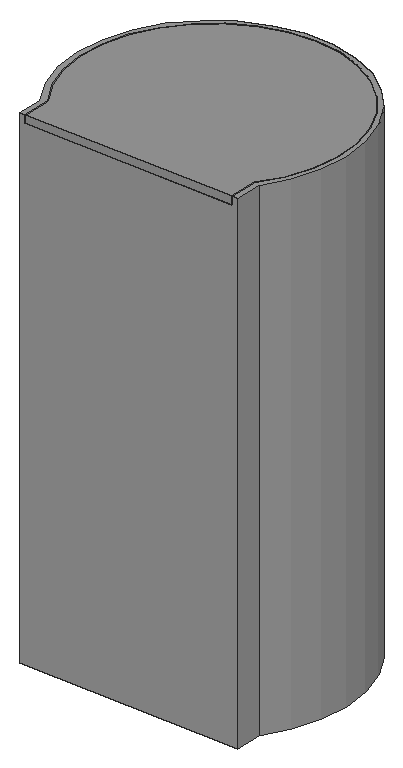
Revit family "3052 Björk Soap dispenser", category Furniture Systems, host Wall, Revit 2017
Family settings
  Host = Wall
  Round Connector Dimension = Use Diameter
  Part Type = Normal
  Always vertical = Yes
  Cut with Voids When Loaded = No
  Shared = No
  Room Calculation Point = No
Parameters (values of type "OSLO")
  URL = "http://www.dandryer.com/en-gb/products/-soapdispensers/3052-bjork--optional-ral-colour--liquid-soap-disinfectant"
  Type Image = <None>
  Surface Top = OSLO
  Surface Front = RAL FARVE
  Model = "Björk-3052"
  Manufacturer = "Dan Dryer"
  Description = "Touch-free Soap dispencer"
  Cost = 0
Types (6, lengths in mm): name | URL | Surface Top | Model
  BIRK | "http://www.dandryer.dk/da-dk/produkter/produktserie-%E2%80%93-bjork/3052-bjork-dispenser-flydende-saebe-desinfektion--valgfri-ral" | BIRK | "Björk-3052Björk-3052"
  GEO WHITE | "http://www.dandryer.dk/da-dk/produkter/produktserie-%E2%80%93-bjork/3052-bjork-dispenser-flydende-saebe-desinfektion--valgfri-ral" | GEO WHITE | "Björk-3052"
  GRIGIO LONDRA | "http://www.dandryer.dk/da-dk/produkter/produktserie-%E2%80%93-bjork/3052-bjork-dispenser-flydende-saebe-desinfektion--valgfri-ral" | GRIGIO LONDRA | "Björk-3052"
  NEGRO INGO | "http://www.dandryer.dk/da-dk/produkter/produktserie-%E2%80%93-bjork/3052-bjork-dispenser-flydende-saebe-desinfektion--valgfri-ral" | NEGRO INGO | "Björk-3002"
  OSLO | "http://www.dandryer.com/en-gb/products/-soapdispensers/3052-bjork--optional-ral-colour--liquid-soap-disinfectant" | OSLO | "Björk-3052"
  BIANCO MALE | "http://www.dandryer.dk/da-dk/produkter/produktserie-%E2%80%93-bjork/3052-bjork-dispenser-flydende-saebe-desinfektion--valgfri-ral" | BIANCO MALE | "Björk-3052"
Reference planes
  plane 1 "Wall": y = 0
  plane 2 "Center (Left/Right)": x = 125
  plane 3 "Back": y = 75
Forms (mm)
  Extrusion 1, solid, material "Blank Hvid", not visible
    sketch origin (0, 0, 0) x (1, 0, 0) y (0, 1, 0)
      loop
        arc (42.212, 95.366) -> (42.426, 94.946) -> (42.5, 94.481) r 1.5
        line (42.5, 94.481) -> (42.5, 75.3) -> (43.7, 75.3) -> (43.7, 94.481)
        arc (43.7, 94.481) -> (43.567, 95.318) -> (43.181, 96.073) r 2.7
        arc (43.181, 96.073) -> (125, 257.1) -> (206.819, 96.073) r 101.3
        arc (206.819, 96.073) -> (206.433, 95.318) -> (206.3, 94.481) r 2.7
        line (206.3, 94.481) -> (206.3, 75.3) -> (207.5, 75.3) -> (207.5, 94.481)
        arc (207.5, 94.481) -> (207.574, 94.946) -> (207.788, 95.366) r 1.5
        arc (207.788, 95.366) -> (125, 258.3) -> (42.212, 95.366) r 102.5
    from 900 to 1230
  Extrusion 2, void, not visible
    sketch origin (207.5, 94.481, 0) x (0, 1, 0) y (0, 0, -1)
      loop
        line (-19.181, -1225) -> (-19.181, -1230) -> (6.154, -1230)
        arc (6.154, -1230) -> (3.068, -1228.36) -> (2.105, -1225) r 4.47
        line (2.105, -1225) -> (-19.181, -1225)
    from -10.952 to 170.161
  Extrusion 3, void, not visible
    sketch origin (207.5, 94.481, 2130) x (0, 1, 0) y (0, 0, -1)
      loop
        line (-19.181, 1225) -> (2.105, 1225)
        arc (2.105, 1225) -> (3.068, 1228.36) -> (6.154, 1230) r 4.47
        line (6.154, 1230) -> (-19.181, 1230) -> (-19.181, 1225)
    from -6 to 179.451
  Extrusion 4, solid, not visible
    sketch origin (207.5, 75.3, 907) x (0, 1, 0) y (-1, 0, 0)
      loop
        line (0, 163.8) -> (0, 1.2) -> (19.181, 1.2)
        arc (19.181, 1.2) -> (20.018, 1.067) -> (20.773, 0.681) r 2.7
        arc (20.773, 0.681) -> (181.8, 82.5) -> (20.773, 164.319) r 101.3
        arc (20.773, 164.319) -> (20.018, 163.933) -> (19.181, 163.8) r 2.7
        line (19.181, 163.8) -> (0, 163.8)
    from 0 to -2
  Extrusion 5, void, not visible
    sketch origin (206.3, 75.3, 0) x (-1, 0, 0) y (0, 0, 1)
      loop
        arc (83.312, 976) -> (81.303, 978.014) -> (79.288, 976) r 2.012
        line (79.288, 976) -> (79.285, 930)
        arc (79.285, 930) -> (81.297, 927.986) -> (83.312, 930) r 2.012
        line (83.312, 930) -> (83.312, 976)
    from 174.915 to 189.234
  Extrusion 6, solid, not visible
    sketch origin (206.3, 75.3, 0) x (1, 0, 0) y (0, 0, 1)
      loop
        line (-83.312, 975.984) -> (-83.312, 930)
        arc (-83.312, 930) -> (-81.291, 928.118) -> (-79.287, 930.016) r 2.015
        line (-79.287, 930.016) -> (-79.288, 976)
        arc (-79.288, 976) -> (-81.309, 977.882) -> (-83.312, 975.984) r 2.015
    from -182.98 to -174.915
  Extrusion 7, solid, material "RAL FARVE", not visible
    sketch origin (0, 0, 0) x (1, 0, 0) y (0, 1, 0)
      loop
        arc (42.212, 95.366) -> (42.426, 94.946) -> (42.5, 94.481) r 1.5
        line (42.5, 94.481) -> (42.5, 75.3) -> (43.7, 75.3) -> (43.7, 94.481)
        arc (43.7, 94.481) -> (43.567, 95.318) -> (43.181, 96.073) r 2.7
        arc (43.181, 96.073) -> (125, 257.1) -> (206.819, 96.073) r 101.3
        arc (206.819, 96.073) -> (206.433, 95.318) -> (206.3, 94.481) r 2.7
        line (206.3, 94.481) -> (206.3, 75.3) -> (207.5, 75.3) -> (207.5, 94.481)
        arc (207.5, 94.481) -> (207.574, 94.946) -> (207.788, 95.366) r 1.5
        arc (207.788, 95.366) -> (125, 258.3) -> (42.212, 95.366) r 102.5
    from 900 to 1230
Text (mm)
  text "Placement Side" at (-1848.837, 1116.779, 0), in view "Ref. Level"
  text "Placement side" at (0, 1409.804, 2854.306), in view "Left"
  text "Placement side" at (0, 499.811, 2980.732), in view "Right"
Dimensions and locks
  locked: plane 3 "Back" to host wall
  aligned and locked: plane 1 "Wall" to host wall
  aligned and locked: plane 3 "Back" to nested 1  (x2)
Nested families
  nested 1: "Master Soap dispenser" at (125, 75, 1100), type "Master Soap dispenser"
Definition of nested family "Master Soap dispenser"
  Parameters (values of type "Master Soap dispenser")
    Surface Top = none
    Surface Front = none
  Reference planes
    plane 1 "Center (Front/Back)": y = 0
    plane 2: z = 0
    plane 3 "Center (Left/Right)": x = 0
  Forms (mm)
    Extrusion 1, solid, material <- "Surface Front"
      sketch origin (0, 0, 0) x (1, 0, 0) y (0, 1, 0)
        loop
          line (-72.636, 16.842) -> (-72.636, 0) -> (73.262, 0) -> (73.262, 17.709)
          arc (73.262, 17.709) -> (-0.534, 159.71) -> (-72.636, 16.842) r 89.899
      from 0 to 330
    Extrusion 2, solid, material <- "Surface Top"
      sketch origin (0, 0, 330) x (1, 0, 0) y (0, 1, 0)
        loop
          arc (69.262, 19.017) -> (0, 156.8) -> (-69.261, 19.017) r 86.3
          line (-69.261, 19.017) -> (-69.261, 0) -> (69.262, 0) -> (69.262, 19.017)
      from 0 to -5
    Extrusion 3, void
      sketch origin (0, 0, 0) x (1, 0, 0) y (0, 1, 0)
        loop
          line (-69.261, 0) -> (69.262, 0) -> (69.262, 19.017)
          arc (69.262, 19.017) -> (0, 156.8) -> (-69.261, 19.017) r 86.3
          line (-69.261, 19.017) -> (-69.261, 0)
      from 325 to 330
  Cuts and joins
    Extrusion 3 cuts Extrusion 1
  Dimensions and locks
    aligned and locked: level to plane 2
